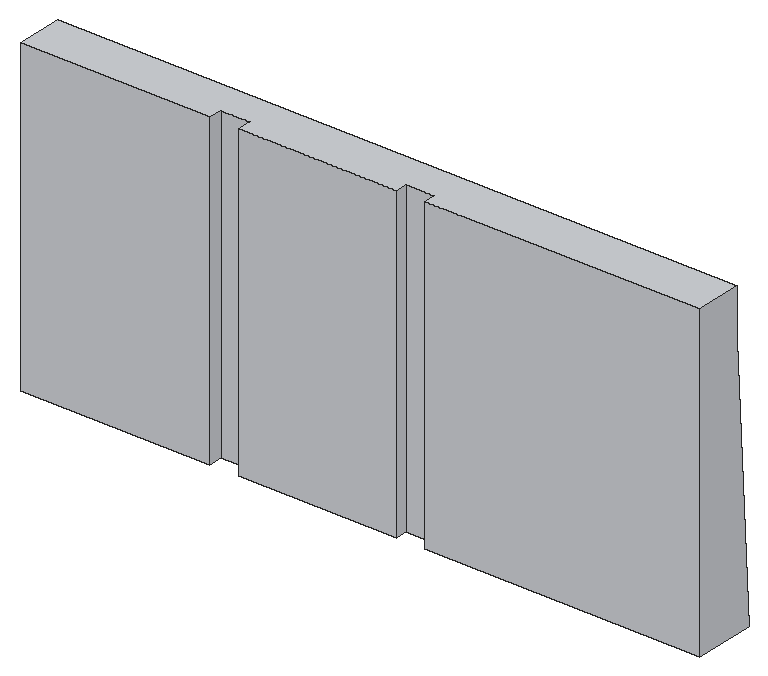
Revit family "闸墩 - 边墩", category 结构柱, Revit 2019
Family settings
  横断面形状 = 未定义
  用于模型行为的材质 = 其他
  始终导出为几何图形 = 否
  平面中的梁缩进 = 从边界框
  OmniClass 编号 = 23.25.30.11.14.11
  OmniClass 标题 = Columns
  加载时剪切的空心 = 否
  符号表示法 = 从族
  共享 = 否
  在平面视图中显示族的预剪切 = 是
Parameters (values of type "边墩 - C25")
  高 [instance] = 6620 mm
  边墩顶宽 = 1000 mm
  槽2深 = 250 mm
  槽2宽 = 600 mm
  槽2位置 = 8000 mm
  槽1深 = 300 mm
  槽1宽 = 620 mm
  槽1位置 = 4030 mm
  斜墙高 = 5620 mm
  边墩底宽 = 1300 mm
  边墩长度 [instance] = 14440 mm
  型号 = "LOCK_CHAMBER_PIER_SIDE"  # constant formula
Reference planes
  plane 1 "中心(前/后)": y = 0
  plane 2: z = 0
  plane 3 "中心(左/右)": x = 0
  plane 4 "左": x = -7220
  plane 5 "右": x = 7220
  plane 6 "后": y = 650
  plane 7 "前": y = -650
  plane 8: z = 5620
  plane 9: y = 350
  plane 10: x = -3190
  plane 11: x = 780
  plane 12: x = -2570
  plane 13: x = 1380
  plane 14: y = -350
  plane 15: y = -400
Forms (mm)
  Extrusion 1, solid
    sketch origin (-7220, 0, 0) x (0, -1, 0) y (0, 0, 1)
      loop
        line (-650, 0) -> (650, 0) -> (650, 6620) -> (-350, 6620) -> (-350, 5620) -> (-650, 0)
    from -14440 to 0
  Extrusion 2, void
    sketch origin (0, 0, 0) x (1, 0, 0) y (0, 1, 0)
      loop
        line (-3190, -350) -> (-3190, -650) -> (-2570, -650) -> (-2570, -350) -> (-3190, -350)
      loop
        line (780, -400) -> (780, -650) -> (1380, -650) -> (1380, -400) -> (780, -400)
    from 0 to 6620
Cuts and joins
  Extrusion 2 cuts Extrusion 1
Dimensions and locks
  "边墩长度": plane 4 "左" to plane 5 "右"
  "边墩底宽": plane 7 "前" to plane 6 "后"
  equal spacing: plane 4 "左", plane 3 "中心(左/右)", plane 5 "右"
  equal spacing: plane 7 "前", plane 1 "中心(前/后)", plane 6 "后"
  plane 8 to level = 5620 mm
  "边墩顶宽": plane 7 "前" to plane 9
  "斜墙高": plane 8 to level
  "槽1位置": plane 4 "左" to plane 10
  "槽2位置": plane 4 "左" to plane 11
  "槽1宽": plane 10 to plane 12
  "槽2宽": plane 11 to plane 13
  "槽1深": plane 7 "前" to plane 14
  "槽2深": plane 7 "前" to plane 15
  "高": level to level
  aligned and locked: level to plane 2
  aligned and locked: Extrusion 1 to plane 6 "后"
  aligned and locked: plane 7 "前" to Extrusion 1
  aligned and locked: Extrusion 1 to plane 5 "右"
  aligned and locked: plane 4 "左" to Extrusion 1
  aligned and locked: Extrusion 1 to level
  aligned and locked: level to Extrusion 1
  aligned and locked: plane 9 to Extrusion 1
  aligned and locked: Extrusion 2 sketch curve to plane 14
  aligned and locked: plane 10 to Extrusion 2 sketch curve
  aligned and locked: Extrusion 2 sketch curve to plane 7 "前"  (x2)
  aligned and locked: Extrusion 2 sketch curve to plane 12
  aligned and locked: Extrusion 2 sketch curve to plane 15
  aligned and locked: plane 11 to Extrusion 2 sketch curve
  aligned and locked: Extrusion 2 sketch curve to plane 13
  aligned and locked: level to cut or joined group of Extrusion 1, Extrusion 2
Automatic sketch dimensions
  Extrusion 1 sketch curve to level = 0 mm
  Extrusion 1 sketch curve to plane 6 "后" = 0 mm
  level to Extrusion 1 sketch curve = 0 mm
  Extrusion 1 sketch curve to plane 9 = 0 mm
  Extrusion 1 sketch curve to plane 7 "前" = 0 mm
  Extrusion 1 sketch curve to plane 8 = 0 mm
